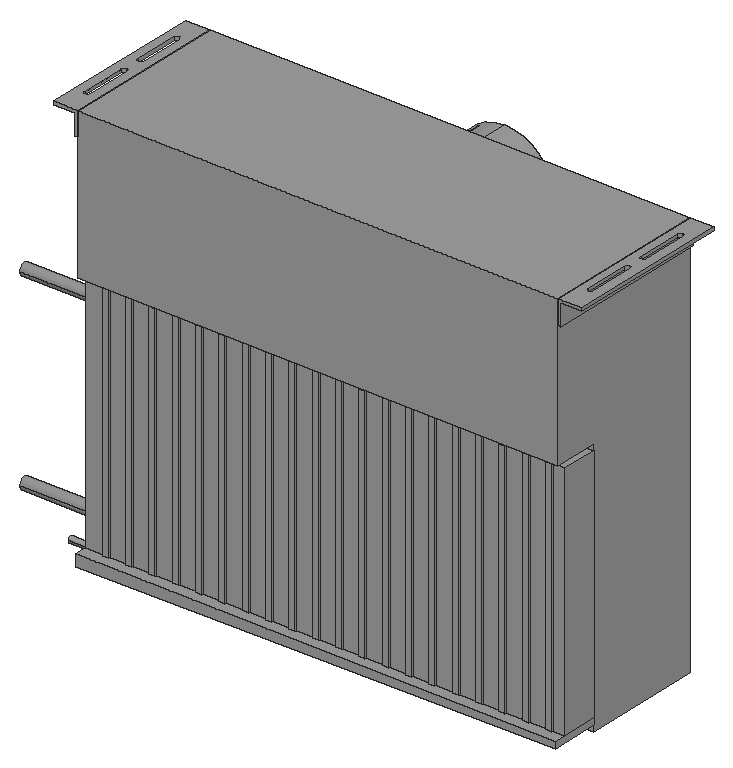
Revit family "York CB-ABV-YK - Vertical Recessed Active Chilled Beam,Generic,Revit 2015 R1.1", category Mechanical Equipment, Revit 2015 (continued)
Definition of nested family "Coil"
  Automatic sketch dimensions
    Extrusion 45 sketch curve to Extrusion 45 sketch curve = 10"
    Extrusion 46 sketch curve to Extrusion 46 sketch curve = 10"
    Extrusion 47 sketch curve to Extrusion 47 sketch curve = 10"
    Extrusion 48 sketch curve to Extrusion 48 sketch curve = 10"
    Extrusion 49 sketch curve to Extrusion 49 sketch curve = 10"
    Extrusion 50 sketch curve to Extrusion 50 sketch curve = 10"
    Extrusion 51 sketch curve to Extrusion 51 sketch curve = 10"
    Extrusion 52 sketch curve to Extrusion 52 sketch curve = 10"
    Extrusion 53 sketch curve to Extrusion 53 sketch curve = 10"
    Extrusion 54 sketch curve to Extrusion 54 sketch curve = 10"
    Extrusion 55 sketch curve to Extrusion 55 sketch curve = 10"
    Extrusion 56 sketch curve to Extrusion 56 sketch curve = 10"
    Extrusion 57 sketch curve to Extrusion 57 sketch curve = 10"
    Extrusion 58 sketch curve to Extrusion 58 sketch curve = 10"
    Extrusion 59 sketch curve to Extrusion 59 sketch curve = 10"
    Extrusion 60 sketch curve to Extrusion 60 sketch curve = 10"
    Extrusion 61 sketch curve to Extrusion 61 sketch curve = 10"
    Extrusion 62 sketch curve to Extrusion 62 sketch curve = 10"
    Extrusion 63 sketch curve to Extrusion 63 sketch curve = 10"
    Extrusion 64 sketch curve to Extrusion 64 sketch curve = 10"
    Extrusion 65 sketch curve to Extrusion 65 sketch curve = 10"
Definition of nested family "Condensate Tray"
  Parameters (values of type "Family4")
    Material = none
    A = 20"
  Reference planes (in)
    plane 1 "Center (Front/Back)": y = 0
    plane 2: z = 0
    plane 3 "Center (Left/Right)": x = 0
    plane 4: z = 0.5
    plane 5: x = -10
    plane 6: x = 10
    plane 7: z = 0.25
    plane 8: y = -1
    plane 9: y = 1
  Forms (in)
    Extrusion 1, solid, material <- "Material"
      sketch origin (0, 0, 0) x (1, 0, 0) y (0, 0, 1)
        loop
          line (-10, 0.5) -> (-10, 0.25) -> (10, 0) -> (10, 0.5) -> (-10, 0.5)
      from -1 to 1
    Extrusion 2, solid, material <- "Material"
      sketch origin (0, 0, 0) x (0, 1, 0) y (0, 0, 1)
        loop
          circle (0, 0.25) r 0.125
      from 10 to 11
  Lines and regions (in)
    reference lines
      curve 1: line (0, 0, 0) -> (0, 8, 0)
      curve 2: line (0, 0, 0) -> (7.53896, 0, 0)
  Dimensions and locks (in)
    locked: plane 4 to plane 2 at 0.5
    equal spacing: plane 6, plane 3 "Center (Left/Right)", plane 5
    locked: plane 4 to plane 7 at 0.25
    "A": plane 6 to plane 5
    equal spacing: plane 8, plane 1 "Center (Front/Back)", plane 9
    locked: plane 8 to plane 9 at 2
    locked: Extrusion 2 to plane 6 at 1
    diameter of Extrusion 2 sketch curve = 1/4"
    aligned and locked: plane 2 to level
    aligned and locked: Extrusion 1 sketch curve to plane 4
    aligned and locked: plane 5 to Extrusion 1 sketch curve
    aligned and locked: Extrusion 1 sketch curve to plane 6
    aligned and locked: plane 7 to Extrusion 1 sketch curve
    aligned and locked: plane 2 to Extrusion 1 sketch curve
    aligned and locked: plane 9 to Extrusion 1
    aligned and locked: Extrusion 1 to plane 8
    aligned and locked: plane 3 "Center (Left/Right)" to curve 1
    aligned and locked: plane 1 "Center (Front/Back)" to curve 2
    aligned and locked: plane 1 "Center (Front/Back)" to Extrusion 2 sketch curve
    aligned and locked: plane 7 to Extrusion 2 sketch curve
    aligned and locked: Extrusion 2 to plane 6
  Automatic sketch dimensions
    curve 2 to plane 6 = 2.46104"
    plane 9 to curve 1 = 7"
Definition of nested family "Model Name"
  Parameters (values of type "Model Name")
    Width = 47/64"
    Model Name = "Enter Tag Here"
  Reference planes (in)
    plane 1: y = 0
    plane 2: x = 0
  Text (in)
    label "XX" at (-0.00532, -0.00012, 0), shows "Model Name"
Definition of nested family "Arrow - (Show Direction)"
  Parameters (values of type "Arrow")
    Arrow Hatch Yes/No [instance] = yes
  Reference planes (in)
    plane 1 "Center (Front/Back)": y = 0
    plane 2: z = 0
    plane 3 "Center (Left/Right)": x = 0
  Lines and regions (in)
    Filled region 1, type "Solid Fill - RGB 192-192-192", in view "Ref. Level", visible <- "Arrow Hatch Yes/No", detail levels coarse
      outline origin (0, -10.07266, 0) x (0, 1, 0) y (-1, 0, 0)
        loop
          line (9.84252, 2.53887) -> (9.84252, 0.49213)
          arc (9.84252, 0.49213) -> (9.81205, 0.42573) -> (9.74422, 0.39862) r 0.09843
          line (9.74422, 0.39862) -> (6.00381, 0.58564)
          arc (6.00381, 0.58564) -> (5.93598, 0.55852) -> (5.90551, 0.49213) r 0.09843
          line (5.90551, 0.49213) -> (5.90551, -0.49213)
          arc (5.90551, -0.49213) -> (5.93598, -0.55852) -> (6.00381, -0.58564) r 0.09843
          line (6.00381, -0.58564) -> (9.74422, -0.39862)
          arc (9.74422, -0.39862) -> (9.81205, -0.42573) -> (9.84252, -0.49213) r 0.09843
          line (9.84252, -0.49213) -> (9.84252, -2.53887)
          arc (9.84252, -2.53887) -> (9.87183, -2.58685) -> (9.92803, -2.58855) r 0.05906
          line (9.92803, -2.58855) -> (14.12654, -0.19495)
          arc (14.12654, -0.19495) -> (14.23981, 0) -> (14.12654, 0.19495) r 0.22441
          line (14.12654, 0.19495) -> (9.92803, 2.58855)
          arc (9.92803, 2.58855) -> (9.87183, 2.58685) -> (9.84252, 2.53887) r 0.05906
    detail lines, in view "Ref. Level", detail levels coarse
      curve 1: line (-0.19495, 4.05388, 0) -> (-2.58855, -0.14464, 0)
      curve 2: line (0.19495, 4.05388, 0) -> (2.58855, -0.14464, 0)
      curve 3: line (-2.53887, -0.23014, 0) -> (-0.49213, -0.23014, 0)
      curve 4: line (0.49213, -0.23014, 0) -> (2.53887, -0.23014, 0)
      curve 5: line (-0.39862, -0.32844, 0) -> (-0.58564, -4.06885, 0)
      curve 6: line (-0.49213, -4.16715, 0) -> (0.49213, -4.16715, 0)
      curve 7: line (0.58564, -4.06885, 0) -> (0.39862, -0.32844, 0)
      curve 8: arc (-2.53887, -0.23014, 0) -> (-2.58685, -0.20083, 0) -> (-2.58855, -0.14464, 0) r 0.05906
      curve 9: arc (2.53887, -0.23014, 0) -> (2.58685, -0.20083, 0) -> (2.58855, -0.14464, 0) r 0.05906
      curve 10: arc (-0.39862, -0.32844, 0) -> (-0.42573, -0.26061, 0) -> (-0.49213, -0.23014, 0) r 0.09843
      curve 11: arc (0.39862, -0.32844, 0) -> (0.42573, -0.26061, 0) -> (0.49213, -0.23014, 0) r 0.09843
      curve 12: arc (-0.58564, -4.06885, 0) -> (-0.55852, -4.13668, 0) -> (-0.49213, -4.16715, 0) r 0.09843
      curve 13: arc (0.58564, -4.06885, 0) -> (0.55852, -4.13668, 0) -> (0.49213, -4.16715, 0) r 0.09843
      curve 14: arc (0.19495, 4.05388, 0) -> (0, 4.16715, 0) -> (-0.19495, 4.05388, 0) r 0.22441
